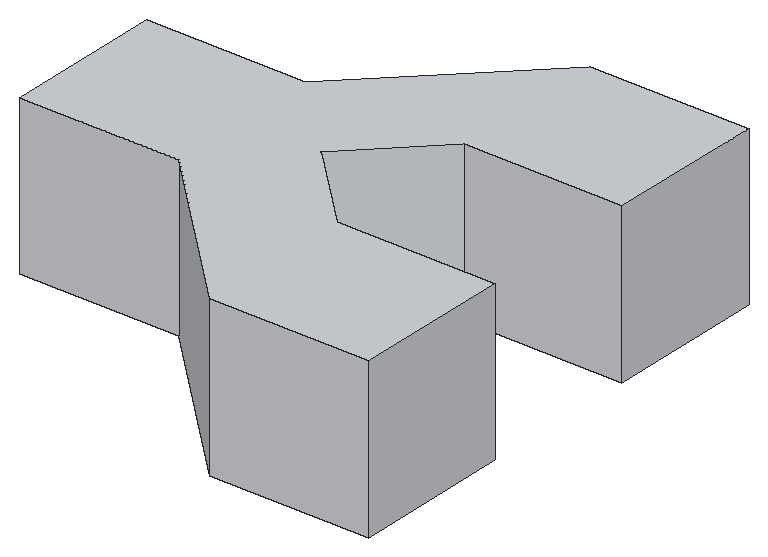
Revit family "d5f559426e86459b94fb37cfdc741826", category Duct Fittings, Revit 2021
Family settings
  Round Connector Dimension = Use Diameter
  Part Type = Pants
  OmniClass Number = 23.75.70.14
  OmniClass Title = Air Ductwork
  Seek Item ID = Rectangular Pants-0000-USA-ENU
  Work Plane-Based = No
  Always vertical = Yes
  Cut with Voids When Loaded = No
  Shared = No
Parameters (values of type "Standard")
  Duct Width 3 [instance] = 12"
  Duct Width 2 [instance] = 12"
  Duct Width 1 [instance] = 12"
  Duct Length 8 [instance] = 1.5 * Duct Width 3  # 18"
  Duct Length 7 [instance] = Duct Width 3  # 12"
  Duct Length 6 [instance] = 2 * Duct Width 1  # 24"
  Duct Length 5 [instance] = Duct Length 2 - (Duct Length 4 - Duct Width 2) / tan(atan((Duct Length 4 - Duct Width 1 / 2) / (Duct Length 2 - Duct Length 1)))  # 18"
  Duct Length 4 [instance] = 1.5 * Duct Width 2  # 18"
  Duct Length 3 [instance] = Duct Width 2  # 12"
  Duct Length 2 [instance] = 2 * Duct Width 1  # 24"
  Duct Length 1 [instance] = Duct Width 1  # 12"
  Duct Height [instance] = 12"
  Default Elevation = 0' - 0"
Reference planes (in)
  plane 1 "Center (Front/Back)": y = 0
  plane 2: z = 0
  plane 3 "Center (Left/Right)": x = 0
  plane 4: x = 12
  plane 5: y = 6
  plane 6: y = -6
  plane 7: x = 24
  plane 8: x = 36
  plane 9: y = 18
  plane 10: y = 6
  plane 11: x = 18
  plane 12: x = 24
  plane 13: x = 36
  plane 14: y = -18
  plane 15: y = -6
  plane 16: y = 12
  plane 17: y = -12
  plane 18: z = 6
  plane 19: z = -6
Forms (in)
  Extrusion 1, solid, detail levels medium+fine
    sketch origin (0, 0, 0) x (1, 0, 0) y (0, 1, 0)
      loop
        line (12, 6) -> (0, 6) -> (0, -6) -> (12, -6) -> (24, -18) -> (36, -18) -> (36, -6) -> (24, -6) -> (18, 0) -> (24, 6) -> (36, 6) -> (36, 18) -> (24, 18) -> (12, 6)
    from -6 to 6
Lines and regions (in)
  model lines, detail levels coarse
    curve 1: line (12, 0, 0) -> (24, 12, 0)
    curve 2: line (12, 0, 0) -> (24, -12, 0)
    curve 3: line (24, 12, 0) -> (36, 12, 0)
    curve 4: line (24, -12, 0) -> (36, -12, 0)
    curve 5: line (0, 0, 0) -> (12, 0, 0)
Dimensions and locks (in)
  "Duct Length 1": plane 3 "Center (Left/Right)" to plane 4
  equal spacing: plane 5, plane 1 "Center (Front/Back)", plane 6
  "Duct Width 1": plane 5 to plane 6
  "Duct Length 2": plane 3 "Center (Left/Right)" to plane 7
  "Duct Length 3": plane 7 to plane 8
  "Duct Length 4": plane 1 "Center (Front/Back)" to plane 9
  "Duct Width 2": plane 9 to plane 10
  "Duct Length 5": plane 3 "Center (Left/Right)" to plane 11
  "Duct Length 6": plane 3 "Center (Left/Right)" to plane 12
  "Duct Length 7": plane 12 to plane 13
  "Duct Length 8": plane 1 "Center (Front/Back)" to plane 14
  "Duct Width 3": plane 15 to plane 14
  equal spacing: plane 9, plane 16, plane 10
  equal spacing: plane 15, plane 17, plane 14
  equal spacing: plane 18, plane 2, plane 19
  "Duct Height": plane 18 to plane 19
  aligned and locked: plane 5 to Extrusion 1 sketch curve
  aligned and locked: plane 4 to Extrusion 1 sketch curve  (x2)
  aligned and locked: plane 6 to Extrusion 1 sketch curve
  aligned and locked: plane 15 to Extrusion 1 sketch curve  (x2)
  aligned and locked: plane 7 to Extrusion 1 sketch curve  (x2)
  aligned and locked: plane 1 "Center (Front/Back)" to Extrusion 1 sketch curve
  aligned and locked: plane 11 to Extrusion 1 sketch curve
  aligned and locked: plane 3 "Center (Left/Right)" to Extrusion 1 sketch curve  (x2)
  aligned and locked: Extrusion 1 sketch curve to plane 5
  aligned and locked: Extrusion 1 sketch curve to plane 6
  aligned and locked: plane 12 to Extrusion 1 sketch curve  (x2)
  aligned and locked: plane 13 to Extrusion 1 sketch curve
  aligned and locked: Extrusion 1 sketch curve to plane 14
  aligned and locked: plane 14 to Extrusion 1 sketch curve
  aligned and locked: Extrusion 1 sketch curve to plane 13
  aligned and locked: plane 8 to Extrusion 1 sketch curve
  aligned and locked: Extrusion 1 sketch curve to plane 10
  aligned and locked: Extrusion 1 sketch curve to plane 9
  aligned and locked: plane 9 to Extrusion 1 sketch curve
  aligned and locked: plane 10 to Extrusion 1 sketch curve
  aligned and locked: Extrusion 1 sketch curve to plane 8
  aligned and locked: plane 7 to curve 1
  aligned and locked: plane 1 "Center (Front/Back)" to curve 2
  aligned and locked: plane 4 to curve 2
  aligned and locked: plane 3 "Center (Left/Right)" to curve 5
  aligned and locked: plane 1 "Center (Front/Back)" to curve 5
  aligned and locked: plane 8 to curve 3
  aligned and locked: curve 3 to plane 16
  aligned and locked: plane 12 to curve 4
  aligned and locked: plane 13 to curve 4
  aligned and locked: curve 4 to plane 17
  aligned and locked: Extrusion 1 to plane 19
  aligned and locked: plane 18 to Extrusion 1
Connectors (in)
  hvac at (0, 0, 0), driven by "Duct Height", driven by "Duct Width 1"
    settings: on Extrusion 1, index 1, duct flow 0 CFM, flow factor 0, pres drop 0.00 in-wg, loss coef 0, conn angle 0.00°, conn width 12", conn height 12", conn diameter 24", duct sys type 28, conn prof type 1, flow config 0, flow direction 0, loss method 0, conn ref index -1, conn util no, is conn primary yes, conn desc ""
  hvac at (36, 12, 0), driven by "Duct Height", driven by "Duct Width 2"
    settings: on Extrusion 1, index 2, duct flow 0 CFM, flow factor 0, pres drop 0.00 in-wg, loss coef 0, conn angle 0.00°, conn width 12", conn height 12", conn diameter 24", duct sys type 28, conn prof type 1, flow config 0, flow direction 0, loss method 0, conn ref index -1, conn util no, is conn primary no, conn desc ""
  hvac at (36, -12, 0), driven by "Duct Height", driven by "Duct Width 3"
    settings: on Extrusion 1, index 3, duct flow 0 CFM, flow factor 0, pres drop 0.00 in-wg, loss coef 0, conn angle 0.00°, conn width 12", conn height 12", conn diameter 24", duct sys type 28, conn prof type 1, flow config 0, flow direction 0, loss method 0, conn ref index -1, conn util no, is conn primary no, conn desc ""
